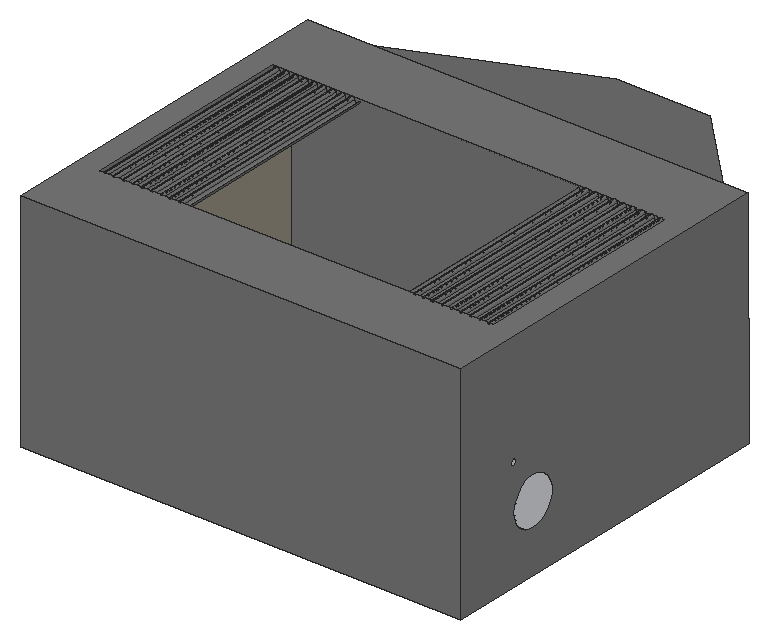
Revit family "Fireplace_Wood_Heatilator_MultiSided-See-Thru", category Mechanical Equipment, host Face, Revit 2015
Parameters (values of type "42x23 Viewing Area Gas Log")
  hvacrad [instance] = Outside Air Connection Diameter / 2  # 0' - 2 1/2"
  gasrad [instance] = Gas Connection Diameter / 2  # 0' - 0 1/4"
  exhaustrad [instance] = Exhaust Connection Diameter / 2  # 0' - 2 1/2"
  Warranty Duration (Years) = 0
  Unit Width = 3' - 11"
  Unit Weight = 0
  Unit Height = 4' - 10 7/8"
  Unit Depth = 2' - 0"
  URL = "http://www.heatilator.com/"
  Test Data = ""
  Standards Conformance = "UL  ;  cUL"
  Specification = "http://www.arcat.com/sdspecs/htm04/10_31_07hea.htm"
  SpecWizard = ""
  Send Message = "http://www.arcat.com/users.pl?action=UserEmail&amp;company=Heatilator<sup><small></small></sup>&amp;coid=49248&amp;rep=144&amp;fax=&amp;mf=95"
  Screen [instance] = MultiSidedFace : Mesh Screen
  Sales Information = "http://www.heatilator.com/Contact-Us.aspx"
  Revision = "R2_2014-09"
  Recess Into Host [instance] = 2' - 0"
  Rear Wall Finish [instance] = Masonry - Heatilator - Brick as Specified
  Product Properties = ""
  Product Data = "http://www.arcat.com/arcatcos/cos9549/arc49248.html"
  Opening Width = 3' - 6"
  Opening Height = 1' - 11"
  Mounting Height [instance] = 1' - 10.76867"
  Model = "ST42A Gas"
  Manufacturer Website = "http://www.heatilator.com/"
  Manufacturer Phone - Toll Free = "800-927-6841"
  Manufacturer Phone = ""
  Manufacturer Fax = ""
  Manufacturer Address = "7571 215th St. W.  Lakeville, MN 55044"
  Manufacturer = "Heatilator"
  Maintenance Schedule (Months) = 0
  Keynote = "10305"
  Installation-Fabrication = ""
  Installation Phase = ""
  Heating Capacity = "as Specified"
  HVAC_BTU Output = 0.0 Btu/h
  HVAC_BTU Input = 100000.0 Btu/h
  Outside Air Connection Diameter [instance] = 5"
  Green Building-LEED = ""
  Glazing Tint [instance] = Glazing - Heatilator - Clear
  Gas Connection Diameter [instance] = 1/2"
  Fuel Type = "NG"
  Fuel Consumption = "as Specified"
  Fixture Finish = Metal - Heatilator - Metallic Black
  Expected Lifespan (Years) = 0
  Exhaust Connection Diameter [instance] = 5"
  Efficiency Ratings = "as Specified"
  Drawn By = "Sumex Design, Inc. / Robert S. Weygant, CSI, CDT, SCIP"
  Door Finish [instance] = Metal - Heatilator - Metallic Black
  Description = "Heatilator Gas Burning Fireplace - MultiSided ST42A as Specified"
  Default Elevation = 0' - 0"
  Copyright = "©Arcat Inc."
  Construction Details = "http://www.arcat.com/details/heatil/heatil.html?coid=49248"
  Building Codes = ""
  Box Height = 3' - 2 3/8"
  Assembly Code = "D3020"
Types (4): name | Unit Width | Unit Height | Opening Width | Opening Height | Model | HVAC_BTU Input | Fuel Type | Efficiency Ratings | Description | Box Height
  42x23 Viewing Area Gas Log | 3' - 11" | 4' - 10 7/8" | 3' - 6" | 1' - 11" | "ST42A Gas" | 100000.0 Btu/h | "NG" | "as Specified" | "Heatilator Gas Burning Fireplace - MultiSided ST42A as Specified" | 3' - 2 3/8"
  36x21 Viewing Area Gas Log | 3' - 4" | 3' - 11 1/4" | 3' - 0" | 1' - 8 7/8" | "ST36D Gas" | 100000.0 Btu/h | "NG" | "as Specified" | "Heatilator Gas Burning Fireplace - MultiSided ST36D as Specified" | 2' - 11"
  42x23 Viewing Area Wood | 3' - 11" | 4' - 10 7/8" | 3' - 6" | 1' - 11" | "ST42A" | 0.0 Btu/h | "Wood" | "Determined by Wood Used" | "Heatilator Wood Burning Fireplace - MultiSided ST42A as Specified" | 3' - 2 3/8"
  36x21 Viewing Area Wood | 3' - 4" | 3' - 11 1/4" | 3' - 0" | 1' - 8 7/8" | "ST36D" | 0.0 Btu/h | "Wood" | "Determined by Wood Used" | "Heatilator Wood Burning Fireplace - MultiSided ST36D as Specified" | 2' - 11"
Reference planes (in)
  plane 1 "Opening CL": y = 0
  plane 2: z = 0
  plane 3 "Center (Left/Right)": x = 0
  plane 4: z = -24
  plane 5 "Front": z = 0
  plane 6: x = -21
  plane 7: x = 21
  plane 8: y = 12.0625
  plane 9 "FF": y = -41.20617
  plane 10: y = -18.4375
  plane 11: y = -10.9375
  plane 12: x = -23.5
  plane 13: x = 23.5
  plane 14: y = 40.4375
  plane 15: y = 19.9375
  plane 16: z = -12
Forms (in)
  Extrusion 1, void
    sketch origin (0, 0, 0) x (1, 0, 0) y (0, 1, 0)
      loop
        line (23.5, 19.9375) -> (-23.5, 19.9375) -> (-23.5, -18.4375) -> (23.5, -18.4375) -> (23.5, 19.9375)
    from -24 to 5.63952
  Extrusion 2, solid
    sketch origin (0, 40.4375, 0) x (0, 0, -1) y (1, 0, 0)
      loop
        circle (12, 0) r 2.5
    from 0 to 2.543
  Extrusion 3, solid, material "Metal - Heatilator - Metallic Black" <- "Fixture Finish"
    sketch origin (0, 0, 0) x (1, 0, 0) y (0, 0, 1)
      loop
        line (-23.5, 0) -> (-23.5, -24) -> (23.5, -24) -> (23.5, 0) -> (-23.5, 0)
    from 10.9375 to 18.4375
  Extrusion 4, solid, material "Metal - Heatilator - Metallic Black" <- "Fixture Finish"
    sketch origin (0, 0, 0) x (1, 0, 0) y (0, 0, 1)
      loop
        line (-23.5, 0) -> (-23.5, -24) -> (-21, -24) -> (-21, -23) -> (-19, -23) -> (-19, -1) -> (-21, -1) -> (-21, 0) -> (-23.5, 0)
      loop
        line (23.5, -24) -> (23.5, 0) -> (21, 0) -> (21, -1) -> (19, -1) -> (19, -23) -> (21, -23) -> (21, -24) -> (23.5, -24)
    from -12.0625 to 10.9375
  Extrusion 5, solid, material "Metal - Heatilator - Metallic Black" <- "Fixture Finish"
    sketch origin (-6.5, -18.4375, 48) x (1, 0, 0) y (0, 0, 1)
      loop
        line (-17, -48) -> (-17, -72) -> (30, -72) -> (30, -48) -> (-17, -48)
    from -30.5 to -38.375
  Extrusion 6, solid
    sketch origin (23.5, -180, 14.07791) x (0, 0, 1) y (0, -1, 0)
      loop
        circle (-30.95291, -171.1875) r 2.5
    from 0 to -1.68808
  Extrusion 7, solid
    sketch origin (0, 0, 0) x (0, 1, 0) y (0, 0, 1)
      loop
        circle (-11.4375, -12) r 0.25
    from -23.5 to 23.5
  Blend 8, solid, material "Metal - Heatilator - Metallic Black" <- "Fixture Finish"
    base sketch origin (0, 40.4375, 0) x (0, 0, -1) y (1, 0, 0)
      loop
        line (1, -21) -> (23, -21) -> (23, 21) -> (1, 21) -> (1, -21)
    top sketch origin (0, 40.4375, 0) x (0, 0, -1) y (1, 0, 0)
      loop
        line (17, -5) -> (17, 5) -> (7, 5) -> (7, -5) -> (17, -5)
    from 20.5 to 2.543
  Extrusion 9, solid, material "Masonry - Heatilator - Brick as Specified" <- "Rear Wall Finish"
    sketch origin (0, 0, 0) x (0, 1, 0) y (0, 0, 1)
      loop
        line (-10.9375, -1) -> (-10.9375, -2.5) -> (-9.63846, -2.5) -> (-9.63846, -1.75) -> (-10.9375, -1)
      loop
        line (-10.9375, -23) -> (-9.63846, -22.25) -> (-9.63846, -21.5) -> (-10.9375, -21.5) -> (-10.9375, -23)
    from -21 to 21
Cuts and joins
  joined: Extrusion 3, Extrusion 4, Extrusion 5
Dimensions and locks (in)
  "Recess Into Host": level to plane 4
  "Unit Depth": plane 5 "Front" to plane 4
  equal spacing: plane 6, plane 3 "Center (Left/Right)", plane 7
  "Opening Width": plane 6 to plane 7
  "Mounting Height": plane 10 to plane 9 "FF"
  locked: plane 10 to plane 11 at 7.5
  "Opening Height": plane 8 to plane 11
  equal spacing: plane 12, plane 3 "Center (Left/Right)", plane 13
  "Unit Width": plane 12 to plane 13
  "Unit Height": plane 10 to plane 14
  locked: Extrusion 2 sketch curve to plane 3 "Center (Left/Right)" at 0
  locked: plane 10 to Extrusion 6 sketch curve at 9.625
  locked: plane 10 to Extrusion 7 sketch curve at 7
  "Box Height": plane 10 to plane 15
  "Exhaust Connection Diameter": Blend 8 sketch curve to plane 3 "Center (Left/Right)"
  "Exhaust Connection Diameter": plane 3 "Center (Left/Right)" to Blend 8 sketch curve
  equal spacing: plane 5 "Front", plane 16, plane 4
  "Exhaust Connection Diameter": Blend 8 sketch curve to plane 16
  "Exhaust Connection Diameter": plane 16 to Blend 8 sketch curve
  locked: plane 16 to Extrusion 2 sketch curve
  locked: plane 5 "Front" to Blend 8 sketch curve at 1
  locked: Blend 8 sketch curve to plane 4 at 1
  locked: Extrusion 4 sketch curve to plane 6 at 2
  locked: plane 7 to Extrusion 4 sketch curve at 2
  locked: Extrusion 4 sketch curve to plane 4 at 1  (x2)
  plane 5 "Front" to Extrusion 9 sketch curve to Extrusion 9 sketch curve to Extrusion 9 sketch curve = 0' - 1" locked, 0' - 0 3/4" locked, 0' - 0 3/4" locked
  Extrusion 9 sketch curve to Extrusion 9 sketch curve to Extrusion 9 sketch curve to plane 4 = 0' - 0 3/4" locked, 0' - 0 3/4" locked, 0' - 1" locked
  locked: Extrusion 7 sketch curve to plane 16
  locked: Extrusion 6 sketch curve to plane 4 at 7.125
  "exhaustrad": radius of Extrusion 2 sketch curve
  "hvacrad": radius of Extrusion 6 sketch curve
  "gasrad": radius of Extrusion 7 sketch curve
  aligned and locked: plane 2 to host face
  aligned and locked: level to host face
  aligned: Extrusion 1 to plane 5 "Front"
  aligned and locked: Extrusion 1 to plane 4
  aligned and locked: Extrusion 1 sketch curve to plane 10
  aligned and locked: plane 13 to Extrusion 1 sketch curve
  aligned and locked: Extrusion 1 sketch curve to plane 12
  aligned and locked: plane 5 "Front" to Extrusion 3 sketch curve
  aligned and locked: Extrusion 3 sketch curve to plane 4
  aligned and locked: Extrusion 3 to plane 10
  aligned and locked: Extrusion 3 to plane 11
  aligned and locked: plane 5 "Front" to Extrusion 4 sketch curve
  aligned and locked: Extrusion 4 sketch curve to plane 5 "Front"
  aligned and locked: Extrusion 4 sketch curve to plane 4
  aligned and locked: Extrusion 4 to plane 8
  aligned and locked: Extrusion 4 to plane 11
  aligned and locked: plane 13 to Extrusion 5 sketch curve
  aligned and locked: plane 12 to Extrusion 5 sketch curve
  aligned and locked: Extrusion 5 to plane 8
  aligned and locked: nested 1 to plane 10
  aligned and locked: plane 3 "Center (Left/Right)" to nested 1
  aligned and locked: plane 13 to Extrusion 7
  aligned and locked: Extrusion 7 to plane 12
  aligned: Extrusion 5 to plane 14
  aligned and locked: Extrusion 5 to plane 15
  aligned and locked: plane 5 "Front" to Extrusion 5 sketch curve
  aligned and locked: Blend 8 sketch curve to cut or joined group of Extrusion 3, Extrusion 4, Extrusion 5
  aligned and locked: Blend 8 sketch curve to plane 7
  aligned and locked: plane 15 to Blend 8
  aligned and locked: Extrusion 4 sketch curve to plane 7
  aligned and locked: Extrusion 4 sketch curve to plane 6
  aligned and locked: Extrusion 1 sketch curve to plane 15
  aligned and locked: plane 6 to Extrusion 9
  aligned and locked: Extrusion 9 to plane 7
  aligned and locked: nested 2 to plane 10
Automatic sketch dimensions
  host sketch curve to host sketch curve = 8' - 0"
  host sketch curve to host sketch curve = 10' - 4 9/16"
  plane 4 to Extrusion 5 sketch curve = 0' - 0"
  Extrusion 3 sketch curve to plane 12 = 0' - 0"
  Extrusion 3 sketch curve to plane 13 = 0' - 0"
  Extrusion 4 sketch curve to plane 12 = 0' - 0"
  Extrusion 4 sketch curve to plane 6 = 0' - 0"
  Extrusion 4 sketch curve to plane 7 = 0' - 0"
  Extrusion 4 sketch curve to plane 13 = 0' - 0"
  Extrusion 4 sketch curve to level = 0' - 1"  (x2)
  Extrusion 4 sketch curve to plane 4 = 0' - 0"
  Extrusion 9 sketch curve to plane 11 = 0' - 0"  (x2)
  Extrusion 9 sketch curve to Extrusion 9 sketch curve = 0' - 1.29904"
  plane 11 to Extrusion 9 sketch curve = 0' - 1.29904"
Nested families (in)
  nested 1: "MultiSidedFace" at (0, -18.4375, -0.75), Width <- "Opening Width", frame finish <- "Door Finish", clear material <- "Glazing Tint", type <- "Screen", Height <- "Opening Height", type "Mesh Screen"
    with frame finish Metal - Heatilator - Metallic Black, clear material Glazing - Heatilator - Clear, built-in parameter 1001301 3' - 6", built-in parameter 1001300 1' - 11", Mesh Screen yes, Mesh Doodads no, BiFold no
  nested 2: "MultiSidedFace" at (0, -18.4375, -23.25) x (1, 0, 0) z (0, 0, -1), Width <- "Opening Width", frame finish <- "Door Finish", clear material <- "Glazing Tint", type <- "Screen", Height <- "Opening Height", type "Mesh Screen"
    with frame finish Metal - Heatilator - Metallic Black, clear material Glazing - Heatilator - Clear, built-in parameter 1001301 3' - 6", built-in parameter 1001300 1' - 11", Mesh Screen yes, Mesh Doodads no, BiFold no
Connectors (in)
  hvac at (0, 40.4375, -12), driven by "exhaustrad"
    settings: on Extrusion 2, index 2, duct flow 0 CFM, flow factor 0, pres drop 0.00 in-wg, loss coef 0, conn angle 0.00°, conn width 12", conn height 12", conn diameter 5", duct sys type 3, conn prof type 0, flow config 0, flow direction 2, loss method 0, conn ref index -1, conn util no, is conn primary yes, conn desc "Exhaust"
  hvac at (23.5, -8.8125, -16.875), driven by "hvacrad"
    settings: on Extrusion 6, index 3, duct flow 0 CFM, flow factor 0, pres drop 0.00 in-wg, loss coef 0, conn angle 0.00°, conn width 12", conn height 12", conn diameter 5", duct sys type 1, conn prof type 0, flow config 0, flow direction 1, loss method 0, conn ref index -1, conn util no, is conn primary no, conn desc "Outdoor Air"
  piping at (23.5, -11.4375, -12), diameter 0.5, driven by "gasrad"
    settings: on Extrusion 7, index 5, connector inside diameter 1/2", connector length 0' - 0", flow factor 0, pipe flow 0 GPM, pressure drop 0.00 psi, fitting loss kfactor 0, connector angle 0.00°, fixture units 0, engagement length 0' - 0", angle of deflection 0.00°, flow configuration 0, flow direction 1, fitting loss method 0, system type 29, joint type 0, gender type 0, connector reference index -1, connector utility 0, adjustable connector no, is connector primary yes, connector description "Gas Inlet - CONNECT ONE"
  piping at (-23.5, -11.4375, -12), diameter 0.5, driven by "gasrad"
    settings: on Extrusion 7, index 6, connector inside diameter 1/2", connector length 0' - 0", flow factor 0, pipe flow 0 GPM, pressure drop 0.00 psi, fitting loss kfactor 0, connector angle 0.00°, fixture units 0, engagement length 0' - 0", angle of deflection 0.00°, flow configuration 0, flow direction 1, fitting loss method 0, system type 29, joint type 0, gender type 0, connector reference index -1, connector utility 0, adjustable connector no, is connector primary no, connector description "Gas Inlet - CONNECT ONE"
Definition of nested family "MultiSidedFace"
  Parameters
    frame finish [instance] = none
    clear material [instance] = none
    Width [instance] = 3' - 0"
    Mesh Screen = no
    Mesh Doodads = yes
    Height [instance] = 1' - 7 1/8"
    Default Elevation = 4' - 0"
    BiFold = yes
    Assembly Code = ""
    Double Door = no
  Reference planes (in)
    plane 1 "Center (Front/Back)": y = 0
    plane 2: z = 0
    plane 3 "Center (Left/Right)": x = 0
    plane 4: x = -18
    plane 5: x = 18
    plane 6: y = 7.5
    plane 7: y = 26.625
    plane 8: x = -9
    plane 9: x = 9
  Forms (in)
    Extrusion 1, solid, material <- "frame finish", visible <- "BiFold"
      sketch origin (0, 0, 0) x (1, 0, 0) y (0, 1, 0)
        loop
          line (-18, 26.625) -> (-18, 7.5) -> (18, 7.5) -> (18, 26.625) -> (-18, 26.625)
        loop
          line (-17, 8.5) -> (17, 8.5) -> (17, 25.625) -> (-17, 25.625) -> (-17, 8.5)
      from 0 to 0.75
    Extrusion 2, solid, material <- "frame finish", visible <- "BiFold"
      sketch origin (0, 0, 0) x (1, 0, 0) y (0, 1, 0)
        loop
          line (-9.125, 25.625) -> (-17, 25.625) -> (-17, 8.5) -> (-9.125, 8.5) -> (-9.125, 9.5) -> (-16, 9.5) -> (-16, 24.625) -> (-9.125, 24.625) -> (-9.125, 25.625)
        loop
          line (9.125, 25.625) -> (9.125, 24.625) -> (16, 24.625) -> (16, 9.5) -> (9.125, 9.5) -> (9.125, 8.5) -> (17, 8.5) -> (17, 25.625) -> (9.125, 25.625)
        loop
          line (-8.875, 25.625) -> (-8.875, 24.625) -> (-0.6875, 24.625) -> (-0.6875, 9.5) -> (-8.875, 9.5) -> (-8.875, 8.5) -> (-0.1875, 8.5) -> (-0.1875, 25.625) -> (-8.875, 25.625)
        loop
          line (8.875, 25.625) -> (0.1875, 25.625) -> (0.1875, 8.5) -> (8.875, 8.5) -> (8.875, 9.5) -> (0.6875, 9.5) -> (0.6875, 24.625) -> (8.875, 24.625) -> (8.875, 25.625)
      from 0 to 0.75
    Extrusion 3, solid, material <- "clear material", visible <- "BiFold"
      sketch origin (0, 0, 0) x (1, 0, 0) y (0, 1, 0)
        loop
          line (-9.125, 24.625) -> (-16, 24.625) -> (-16, 9.5) -> (-9.125, 9.5) -> (-9.125, 24.625)
        loop
          line (-8.875, 24.625) -> (-8.875, 9.5) -> (-0.6875, 9.5) -> (-0.6875, 24.625) -> (-8.875, 24.625)
        loop
          line (9.125, 24.625) -> (9.125, 9.5) -> (16, 9.5) -> (16, 24.625) -> (9.125, 24.625)
        loop
          line (8.875, 24.625) -> (0.6875, 24.625) -> (0.6875, 9.5) -> (8.875, 9.5) -> (8.875, 24.625)
      from 0.5 to 0.25
    Extrusion 4, solid, material <- "frame finish", visible <- "Mesh Doodads"
      sketch origin (0, 0, 0) x (1, 0, 0) y (0, 1, 0)
        loop
          line (-17.69338, 21.76849) -> (-17.69338, 19.51849) -> (-16.44338, 19.51849) -> (-16.44338, 21.76849) -> (-17.69338, 21.76849)
        loop
          line (17.69338, 21.76849) -> (16.44338, 21.76849) -> (16.44338, 19.51849) -> (17.69338, 19.51849) -> (17.69338, 21.76849)
        loop
          line (-17.69338, 14.39349) -> (-17.69338, 12.14349) -> (-16.44338, 12.14349) -> (-16.44338, 14.39349) -> (-17.69338, 14.39349)
        loop
          line (17.69338, 14.39349) -> (16.44338, 14.39349) -> (16.44338, 12.14349) -> (17.69338, 12.14349) -> (17.69338, 14.39349)
      from 0.75 to 1.25
    Extrusion 5, solid, material <- "frame finish", visible <- "Mesh Doodads"
      sketch origin (0, 0, 0) x (1, 0, 0) y (0, 1, 0)
        loop
          line (-1.27485, 9.2509) -> (-3.52485, 9.2509) -> (-3.52485, 8.7509) -> (-1.27485, 8.7509) -> (-1.27485, 9.2509)
        loop
          line (1.27485, 9.2509) -> (1.27485, 8.7509) -> (3.52485, 8.7509) -> (3.52485, 9.2509) -> (1.27485, 9.2509)
      from 0.75 to 1.75
    Sweep 6, solid, material <- "frame finish", visible <- "Mesh Screen"
      path origin (0, 0, 0) x (1, 0, 0) y (0, 1, 0)
        loop
          line (-18, 7.5) -> (-18, 26.625)
      profile origin (-18, 17.0625, 0) x (-1, 0, 0) y (0, 0, 1)
        loop
          arc (-0.25, 0.5) -> (-0.5, 0.75) -> (-0.75, 0.5) r 0.25
          arc (-0.75, 0.5) -> (-1, 0.25) -> (-1.25, 0.5) r 0.25
          arc (-1.25, 0.5) -> (-1.5, 0.75) -> (-1.75, 0.5) r 0.25
          arc (-1.75, 0.5) -> (-2, 0.25) -> (-2.25, 0.5) r 0.25
          arc (-2.25, 0.5) -> (-2.5, 0.75) -> (-2.75, 0.5) r 0.25
          arc (-2.75, 0.5) -> (-3, 0.25) -> (-3.25, 0.5) r 0.25
          arc (-3.25, 0.5) -> (-3.5, 0.75) -> (-3.75, 0.5) r 0.25
          arc (-3.75, 0.5) -> (-4, 0.25) -> (-4.25, 0.5) r 0.25
          arc (-4.25, 0.5) -> (-4.5, 0.75) -> (-4.75, 0.5) r 0.25
          arc (-4.75, 0.5) -> (-5, 0.25) -> (-5.25, 0.5) r 0.25
          arc (-5.25, 0.5) -> (-5.5, 0.75) -> (-5.75, 0.5) r 0.25
          arc (-5.75, 0.5) -> (-6, 0.25) -> (-6.25, 0.5) r 0.25
          arc (-6.25, 0.5) -> (-6.5, 0.75) -> (-6.75, 0.5) r 0.25
          arc (-6.75, 0.5) -> (-7, 0.25) -> (-7.25, 0.5) r 0.25
          arc (-7.25, 0.5) -> (-7.5, 0.75) -> (-7.75, 0.5) r 0.25
          arc (-7.75, 0.5) -> (-8, 0.25) -> (-8.25, 0.5) r 0.25
          arc (-8.25, 0.5) -> (-8.5, 0.75) -> (-8.75, 0.5) r 0.25
          arc (-8.75, 0.5) -> (-9, 0.25) -> (-9.25, 0.5) r 0.25
          line (-9.25, 0.5) -> (-9.3125, 0.5)
          arc (-9.3125, 0.5) -> (-9, 0.1875) -> (-8.6875, 0.5) r 0.3125
          arc (-8.6875, 0.5) -> (-8.5, 0.6875) -> (-8.3125, 0.5) r 0.1875
          arc (-8.3125, 0.5) -> (-8, 0.1875) -> (-7.6875, 0.5) r 0.3125
          arc (-7.6875, 0.5) -> (-7.5, 0.6875) -> (-7.3125, 0.5) r 0.1875
          arc (-7.3125, 0.5) -> (-7, 0.1875) -> (-6.6875, 0.5) r 0.3125
          arc (-6.6875, 0.5) -> (-6.5, 0.6875) -> (-6.3125, 0.5) r 0.1875
          arc (-6.3125, 0.5) -> (-6, 0.1875) -> (-5.6875, 0.5) r 0.3125
          arc (-5.6875, 0.5) -> (-5.5, 0.6875) -> (-5.3125, 0.5) r 0.1875
          arc (-5.3125, 0.5) -> (-5, 0.1875) -> (-4.6875, 0.5) r 0.3125
          arc (-4.6875, 0.5) -> (-4.5, 0.6875) -> (-4.3125, 0.5) r 0.1875
          arc (-4.3125, 0.5) -> (-4, 0.1875) -> (-3.6875, 0.5) r 0.3125
          arc (-3.6875, 0.5) -> (-3.5, 0.6875) -> (-3.3125, 0.5) r 0.1875
          arc (-3.3125, 0.5) -> (-3, 0.1875) -> (-2.6875, 0.5) r 0.3125
          arc (-2.6875, 0.5) -> (-2.5, 0.6875) -> (-2.3125, 0.5) r 0.1875
          arc (-2.3125, 0.5) -> (-2, 0.1875) -> (-1.6875, 0.5) r 0.3125
          arc (-1.6875, 0.5) -> (-1.5, 0.6875) -> (-1.3125, 0.5) r 0.1875
          arc (-1.3125, 0.5) -> (-1, 0.1875) -> (-0.6875, 0.5) r 0.3125
          arc (-0.6875, 0.5) -> (-0.46829, 0.6848) -> (-0.32322, 0.4375) r 0.1875
          line (-0.32322, 0.4375) -> (0, 0.4375) -> (0, 0.5) -> (-0.25, 0.5)
    Sweep 7, solid, material <- "frame finish", visible <- "Mesh Screen"
      path origin (0, 0, 0) x (1, 0, 0) y (0, 1, 0)
        loop
          line (18, 26.625) -> (18, 7.5)
      profile origin (18, 17.0625, 0) x (1, 0, 0) y (0, 0, 1)
        loop
          arc (-8.25, 0.5) -> (-8.5, 0.75) -> (-8.75, 0.5) r 0.25
          arc (-8.75, 0.5) -> (-9, 0.25) -> (-9.25, 0.5) r 0.25
          line (-9.25, 0.5) -> (-9.3125, 0.5)
          arc (-9.3125, 0.5) -> (-9, 0.1875) -> (-8.6875, 0.5) r 0.3125
          arc (-8.6875, 0.5) -> (-8.5, 0.6875) -> (-8.3125, 0.5) r 0.1875
          arc (-8.3125, 0.5) -> (-8, 0.1875) -> (-7.6875, 0.5) r 0.3125
          arc (-7.6875, 0.5) -> (-7.5, 0.6875) -> (-7.3125, 0.5) r 0.1875
          arc (-7.3125, 0.5) -> (-7, 0.1875) -> (-6.6875, 0.5) r 0.3125
          arc (-6.6875, 0.5) -> (-6.5, 0.6875) -> (-6.3125, 0.5) r 0.1875
          arc (-6.3125, 0.5) -> (-6, 0.1875) -> (-5.6875, 0.5) r 0.3125
          arc (-5.6875, 0.5) -> (-5.5, 0.6875) -> (-5.3125, 0.5) r 0.1875
          arc (-5.3125, 0.5) -> (-5, 0.1875) -> (-4.6875, 0.5) r 0.3125
          arc (-4.6875, 0.5) -> (-4.5, 0.6875) -> (-4.3125, 0.5) r 0.1875
          arc (-4.3125, 0.5) -> (-4, 0.1875) -> (-3.6875, 0.5) r 0.3125
          arc (-3.6875, 0.5) -> (-3.5, 0.6875) -> (-3.3125, 0.5) r 0.1875
          arc (-3.3125, 0.5) -> (-3, 0.1875) -> (-2.6875, 0.5) r 0.3125
          arc (-2.6875, 0.5) -> (-2.5, 0.6875) -> (-2.3125, 0.5) r 0.1875
          arc (-2.3125, 0.5) -> (-2, 0.1875) -> (-1.6875, 0.5) r 0.3125
          arc (-1.6875, 0.5) -> (-1.5, 0.6875) -> (-1.3125, 0.5) r 0.1875
          arc (-1.3125, 0.5) -> (-1, 0.1875) -> (-0.6875, 0.5) r 0.3125
          arc (-0.6875, 0.5) -> (-0.46829, 0.6848) -> (-0.32322, 0.4375) r 0.1875
          line (-0.32322, 0.4375) -> (0, 0.4375) -> (0, 0.5) -> (-0.25, 0.5)
          arc (-0.25, 0.5) -> (-0.5, 0.75) -> (-0.75, 0.5) r 0.25
          arc (-0.75, 0.5) -> (-1, 0.25) -> (-1.25, 0.5) r 0.25
          arc (-1.25, 0.5) -> (-1.5, 0.75) -> (-1.75, 0.5) r 0.25
          arc (-1.75, 0.5) -> (-2, 0.25) -> (-2.25, 0.5) r 0.25
          arc (-2.25, 0.5) -> (-2.5, 0.75) -> (-2.75, 0.5) r 0.25
          arc (-2.75, 0.5) -> (-3, 0.25) -> (-3.25, 0.5) r 0.25
          arc (-3.25, 0.5) -> (-3.5, 0.75) -> (-3.75, 0.5) r 0.25
          arc (-3.75, 0.5) -> (-4, 0.25) -> (-4.25, 0.5) r 0.25
          arc (-4.25, 0.5) -> (-4.5, 0.75) -> (-4.75, 0.5) r 0.25
          arc (-4.75, 0.5) -> (-5, 0.25) -> (-5.25, 0.5) r 0.25
          arc (-5.25, 0.5) -> (-5.5, 0.75) -> (-5.75, 0.5) r 0.25
          arc (-5.75, 0.5) -> (-6, 0.25) -> (-6.25, 0.5) r 0.25
          arc (-6.25, 0.5) -> (-6.5, 0.75) -> (-6.75, 0.5) r 0.25
          arc (-6.75, 0.5) -> (-7, 0.25) -> (-7.25, 0.5) r 0.25
          arc (-7.25, 0.5) -> (-7.5, 0.75) -> (-7.75, 0.5) r 0.25
          arc (-7.75, 0.5) -> (-8, 0.25) -> (-8.25, 0.5) r 0.25
  Dimensions and locks (in)
    equal spacing: plane 4, plane 3 "Center (Left/Right)", plane 5
    "Width": plane 4 to plane 5
    locked: plane 1 "Center (Front/Back)" to plane 6 at 7.5
    "Height": plane 7 to plane 6
    equal spacing: plane 4, plane 8, plane 3 "Center (Left/Right)"
    equal spacing: plane 3 "Center (Left/Right)", plane 9, plane 5
    locked: Extrusion 2 sketch curve to plane 8 at 0.125  (x2)
    plane 4 to Extrusion 2 sketch curve to Extrusion 2 sketch curve = 0' - 1" locked, 0' - 1" locked
    locked: Extrusion 2 sketch curve to Extrusion 2 sketch curve at 1
    locked: plane 9 to Extrusion 2 sketch curve at 0.125  (x2)
    Extrusion 2 sketch curve to Extrusion 2 sketch curve to plane 3 "Center (Left/Right)" = 0' - 0 1/2" locked, 0' - 0 3/16" locked
    plane 3 "Center (Left/Right)" to Extrusion 2 sketch curve to Extrusion 2 sketch curve = 0' - 0 3/16" locked, 0' - 0 1/2" locked
    locked: plane 8 to Extrusion 2 sketch curve at 0.125  (x2)
    locked: Extrusion 2 sketch curve to plane 9 at 0.125  (x2)
    locked: Extrusion 2 sketch curve to plane 5 at 1
    Extrusion 3 sketch curve to plane 8 to Extrusion 3 sketch curve = 0' - 0 1/8" locked, 0' - 0 1/8" locked
    Extrusion 3 sketch curve to plane 9 to Extrusion 3 sketch curve = 0' - 0 1/8" locked, 0' - 0 1/8" locked
    Extrusion 3 sketch curve to plane 3 "Center (Left/Right)" to Extrusion 3 sketch curve = 0' - 0 11/16" locked, 0' - 0 11/16" locked
    locked: plane 4 to Extrusion 3 sketch curve at 2
    locked: Extrusion 3 sketch curve to plane 5 at 2
    Extrusion 5 sketch curve to Extrusion 5 sketch curve to plane 3 "Center (Left/Right)" = 0' - 2 1/4" locked, 0' - 1.27485" locked
    plane 3 "Center (Left/Right)" to Extrusion 5 sketch curve to Extrusion 5 sketch curve = 0' - 1.27485" locked, 0' - 2 1/4" locked
    aligned and locked: plane 2 to level
    aligned and locked: plane 7 to Sweep 6 sketch curve
    aligned and locked: plane 4 to Sweep 6 sketch curve
    aligned and locked: plane 6 to Sweep 7 sketch curve
    aligned and locked: Sweep 7 sketch curve to plane 5
    aligned and locked: plane 7 to Sweep 7 sketch curve
  Automatic sketch dimensions
    Extrusion 1 sketch curve to plane 4 = 0' - 0"
    Extrusion 1 sketch curve to plane 5 = 0' - 0"
    Extrusion 1 sketch curve to plane 6 = 0' - 0"
    Extrusion 1 sketch curve to plane 7 = 0' - 0"
    plane 4 to Extrusion 1 sketch curve = 0' - 1"
    Extrusion 1 sketch curve to plane 5 = 0' - 1"
    plane 6 to Extrusion 1 sketch curve = 0' - 1"
    Extrusion 1 sketch curve to plane 7 = 0' - 1"
    plane 6 to Extrusion 2 sketch curve = 0' - 1"  (x3)
    Extrusion 2 sketch curve to Extrusion 2 sketch curve = 0' - 0"  (x4)
    Extrusion 2 sketch curve to Extrusion 2 sketch curve = 0' - 1"  (x2)
    Extrusion 2 sketch curve to plane 7 = 0' - 2"  (x4)
    Extrusion 2 sketch curve to plane 7 = 0' - 1"  (x3)
    plane 6 to Extrusion 3 sketch curve = 0' - 2"  (x3)
    Extrusion 3 sketch curve to Extrusion 3 sketch curve = 0' - 0"  (x3)
    Extrusion 3 sketch curve to plane 7 = 0' - 2"  (x2)
    plane 4 to Extrusion 4 sketch curve = 0' - 0.30662"  (x2)
    Extrusion 4 sketch curve to Extrusion 4 sketch curve = 0' - 1 1/4"  (x2)
    Extrusion 4 sketch curve to plane 5 = 0' - 1.55662"  (x2)
    Extrusion 4 sketch curve to plane 5 = 0' - 0.30662"  (x2)
    plane 6 to Extrusion 4 sketch curve = 0' - 4.64349"  (x2)
    Extrusion 4 sketch curve to Extrusion 4 sketch curve = 0' - 2 1/4"  (x4)
    Extrusion 4 sketch curve to plane 7 = 0' - 7.10651"  (x2)
    plane 6 to Extrusion 5 sketch curve = 0' - 1.7509"
    plane 6 to Extrusion 5 sketch curve = 0' - 1.2509"
    Extrusion 5 sketch curve to Extrusion 5 sketch curve = 0' - 0 1/2"  (x2)
    Sweep 6 sketch curve to plane 6 = 0' - 0"
    Sweep 6 sketch curve to Sweep 6 sketch curve = 0' - 0"  (x70)
    Sweep 6 sketch curve to profile plane = 0' - 0"
    profile plane to Sweep 6 sketch curve = 0' - 0 1/4"
    Sweep 6 sketch curve to Sweep 6 sketch curve = 0' - 0.07322"
    Sweep 6 sketch curve to Sweep 6 sketch curve = 0' - 0.17678"
    Sweep 6 sketch curve to Sweep 6 sketch curve = 0' - 0 1/16"
    Sweep 6 sketch curve to Sweep 6 sketch curve = 0' - 0 1/4"  (x9)
    Sweep 6 sketch curve to Sweep 6 sketch curve = 0' - 0 3/16"  (x8)
    level to Sweep 6 sketch curve = 0' - 0 7/16"
    Sweep 7 sketch curve to Sweep 7 sketch curve = 0' - 0"  (x70)
    profile plane to Sweep 7 sketch curve = 0' - 0"
    profile plane to Sweep 7 sketch curve = 0' - 0 1/4"
    Sweep 7 sketch curve to Sweep 7 sketch curve = 0' - 0.07322"
    Sweep 7 sketch curve to Sweep 7 sketch curve = 0' - 0.17678"
    Sweep 7 sketch curve to Sweep 7 sketch curve = 0' - 0 1/16"
    Sweep 7 sketch curve to Sweep 7 sketch curve = 0' - 0 1/4"  (x9)
    Sweep 7 sketch curve to Sweep 7 sketch curve = 0' - 0 3/16"  (x8)
    level to Sweep 7 sketch curve = 0' - 0 7/16"
